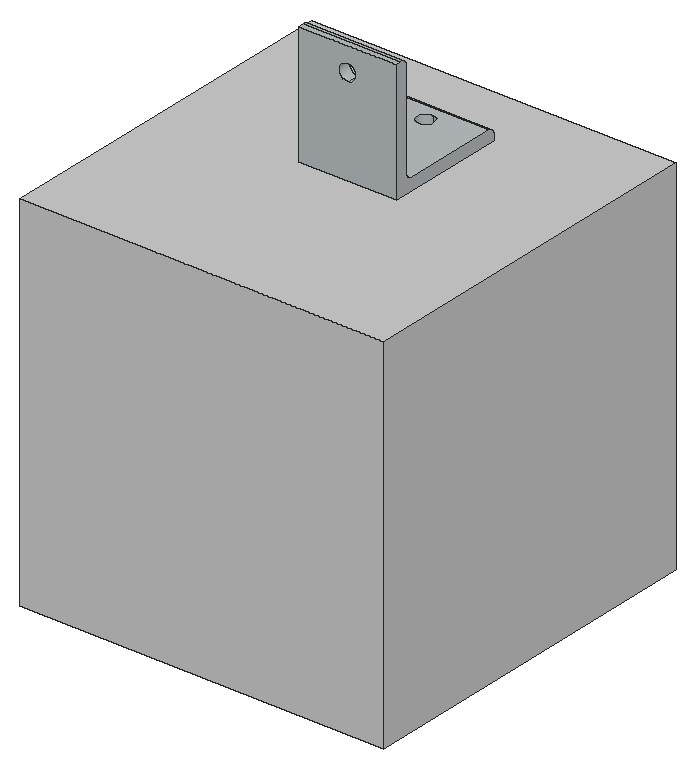
Revit family "REC-GA100x10", category Structural Connections, host Face, Revit 2024
Family settings
  Host = Face
  Material for Model Behavior = Steel
  Enable Cutting in Views = Yes
  Cut with Voids When Loaded = Yes
  Shared = No
Parameters (values of type "GA100x10")
  Visible = yes
  URL_Product_(Producto) = ""
  URL_DataSheet_(FichaTecnica) = ""
  URL_CE_Marking_(MarcadoCE) = ""
  Type IFC Predefined Type = "Brackets"
  Type Comments = ""
  URL = "https://recense.com/"
  Model = "GA100x10"
  Manufacturer = "RECENSE"
  Keynote_ESP = "Anclaje antivuelco para fijación de paneles a estructura de hormigón."
  Keynote = "Anti-tip anchor for fastening panels to concrete structures.\r\nconcrete structure."
  IFCExportType = Classification.Uniclass.Pr.Description  # "Brackets"
  IFCExportAs = "IfcElementAssembly"
  Fecha de Creacion: = "01/03/2024"
  Fecha Ultima Revision: = "01/03/2024"
  Export Type to IFC As = "IfcElementAssembly"
  Description_ESP = "Grapa angular 100x100x80x10 mm TØ14 mm."
  Description = "Angle clamp 100x100x80x10 mm with hole Ø14 mm."
  Default Elevation = 0.0 mm
  Creado por: = "Deliprogal SL"
  Cost = 0
  Classification.Uniclass.Ss.Number = ""
  Classification.Uniclass.Ss.Description = ""
  Classification.Uniclass.Pr.Number = "Pr_20_85_09"
  Classification.Uniclass.Pr.Description = "Brackets"
  Classification.Uniclass.EF.Number = ""
  Classification.Uniclass.EF.Description = ""
  Classification.Space.Number = ""
  Classification.Space.Description = ""
  Classification.Facility.Number = ""
  Classification.Facility.Description = ""
  Assembly Code = ""
Reference planes
  plane 1 "Center (Front/Back)": y = 0
  plane 2: z = 0
  plane 3 "Center (Left/Right)": x = 0
Forms (mm)
  Extrusion 1, solid, material "REC_Base"
    sketch origin (0, -719.2, 0) x (1, 0, 0) y (0, 1, 0)
      loop
        line (-150, 869.2) -> (-150, 569.2) -> (150, 569.2) -> (150, 869.2) -> (-150, 869.2)
    from 0 to -300
  Extrusion 2, solid, material "REC_Acero, S 275JR (Zincado)"
    sketch origin (-40, -54.799, -30.487) x (0, 1, 0) y (0, 0, 1)
      loop
        line (54.799, 130.487) -> (54.799, 30.487) -> (154.799, 30.487) -> (154.799, 35.487)
        arc (154.799, 35.487) -> (153.335, 39.022) -> (149.799, 40.487) r 5
        line (149.799, 40.487) -> (69.799, 40.487)
        arc (69.799, 40.487) -> (66.264, 41.951) -> (64.799, 45.487) r 5
        line (64.799, 45.487) -> (64.799, 125.487)
        arc (64.799, 125.487) -> (63.335, 129.022) -> (59.799, 130.487) r 5
        line (59.799, 130.487) -> (54.799, 130.487)
    from 0 to 80
  Extrusion 3, void
    sketch origin (-40, 50, 10) x (0, 1, 0) y (1, 0, 0)
      loop
        circle (30, 40) r 7
    from 0 to 10
  Extrusion 4, void
    sketch origin (-40, 0, 50) x (0, 0, 1) y (1, 0, 0)
      loop
        circle (30, 40) r 7
    from 0 to 10
Cuts and joins
  Extrusion 3, Extrusion 4 cuts Extrusion 2
Dimensions and locks
  aligned and locked: plane 2 to Extrusion 1
  aligned and locked: level to Extrusion 1
